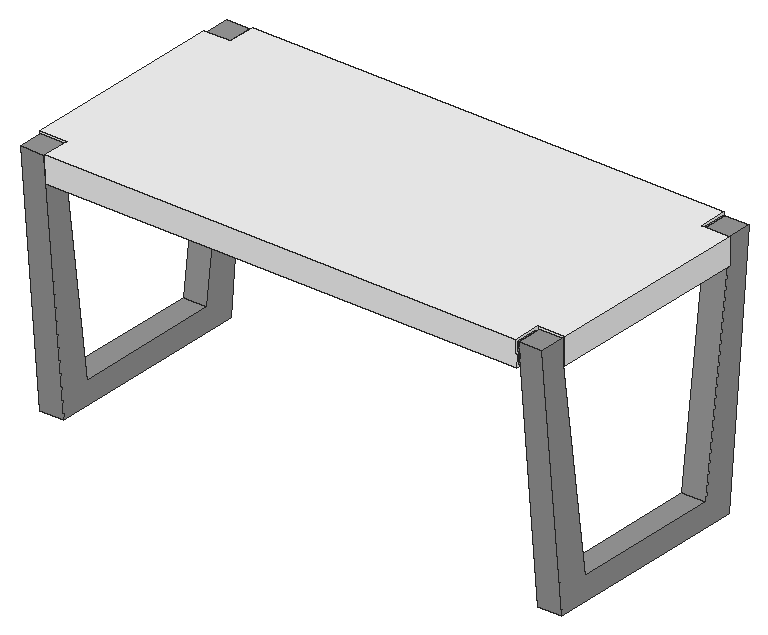
Revit family "Andreu World Serena Teak RS-1196", category Mobiliario, Revit 2014
Parameters (values of type "RS-1196")
  Width = 800 mm
  Upholstery = Indoor Sand Woven Band
  URL = "https://www.andreuworld.com/workspaces"
  Structure Finish = Andreu World Wood Finish
  Reference = "RS-1196"  # constant formula
  Modelo = "Serena Teak"  # constant formula
  Height = 380 mm
  Fabricante = "Andreu World"  # constant formula
  Descripción = "Ottoman with webbing seat and solid teak wood frame"  # constant formula
  Depth = 395 mm
Reference planes
  plane 1 "Centro (Frontal/Posterior)": y = 0
  plane 2: z = 0
  plane 3 "Centro (Izquierda/Derecha)": x = 0
  plane 4: y = 197.5
  plane 5: x = 400
  plane 6: y = -197.5
  plane 7: x = -400
  plane 8: z = 380
Forms (mm)
  Extrusion 1, solid, material "Andreu World Wood Finish" <- "Structure Finish", detail levels medium+fine
    sketch origin (0, 0, 0) x (0, 1, 0) y (0, 0, 1)
      loop
        line (-197.5, 380) -> (-159.996, 0) -> (160.004, 0) -> (197.5, 380) -> (-197.5, 380)
      loop
        line (-115.283, 35) -> (115.283, 35) -> (157.413, 345) -> (-157.413, 345) -> (-115.283, 35)
    from 363.688 to 400
  Extrusion 2, solid, material "Andreu World Wood Finish" <- "Structure Finish", detail levels medium+fine
    sketch origin (0, 0, 0) x (0, 1, 0) y (0, 0, -1)
      loop
        line (-197.5, -380) -> (197.5, -380) -> (160.004, 0) -> (-159.996, 0) -> (-197.5, -380)
      loop
        line (-115.283, -35) -> (-157.413, -345) -> (157.413, -345) -> (115.283, -35) -> (-115.283, -35)
    from 363.688 to 400
  Extrusion 3, solid, material "Andreu World Wood Finish" <- "Structure Finish", detail levels medium+fine
    sketch origin (0, 0, 0) x (0, 1, 0) y (0, 0, 1)
      loop
        line (157.413, 345) -> (193.949, 345) -> (197.5, 380) -> (162.54, 380) -> (157.413, 345)
      loop
        line (-157.413, 345) -> (-162.54, 380) -> (-197.5, 380) -> (-193.949, 345) -> (-157.413, 345)
    from -363.688 to 363.688
  Extrusion 4, solid, material "Indoor Sand Woven Band" <- "Upholstery", detail levels medium+fine
    sketch origin (0, 0, 0) x (0, 1, 0) y (0, 0, 1)
      loop
        line (-199.596, 382.446) -> (-197.5, 342.446) -> (197.5, 342.446) -> (199.596, 382.446) -> (-199.596, 382.446)
    from -402.093 to 403.334
  Extrusion 5, void
    sketch origin (0, 0, 0) x (1, 0, 0) y (0, 1, 0)
      loop
        line (-405, 199.596) -> (-405, 157.413) -> (-360.756, 157.413) -> (-360.756, 199.596) -> (-405, 199.596)
      loop
        line (-405.898, -199.596) -> (-360.756, -199.596) -> (-360.756, -157.413) -> (-405.898, -157.413) -> (-405.898, -199.596)
      loop
        line (406.155, 199.596) -> (360.756, 199.596) -> (360.756, 157.413) -> (406.155, 157.413) -> (406.155, 199.596)
      loop
        line (406.525, -199.596) -> (406.525, -157.413) -> (360.756, -157.413) -> (360.756, -199.596) -> (406.525, -199.596)
    from 323.414 to 397.463
Cuts and joins
  Extrusion 5 cuts Extrusion 4
Lines and regions (mm)
  model lines, detail levels coarse+medium
    curve 1: line (-400, 197.5, 0) -> (400, 197.5, 0)
    curve 2: line (-400, -197.5, 0) -> (-400, 197.5, 0)
    curve 3: line (400, -197.5, 0) -> (-400, -197.5, 0)
    curve 4: line (400, 197.5, 0) -> (400, -197.5, 0)
Dimensions and locks
  equal spacing: plane 7, plane 3 "Centro (Izquierda/Derecha)", plane 5
  equal spacing: plane 4, plane 1 "Centro (Frontal/Posterior)", plane 6
  "Width": plane 7 to plane 5
  "Depth": plane 4 to plane 6
  "Height": plane 8 to level
  aligned and locked: level to plane 2
Automatic sketch dimensions
  Extrusion 1 sketch curve to plane 6 = 0 mm
  Extrusion 1 sketch curve to level = 0 mm
  Extrusion 1 sketch curve to plane 4 = 0 mm
  Extrusion 1 sketch curve to plane 8 = 0 mm
  plane 6 to Extrusion 1 sketch curve = 37.504 mm
  plane 6 to Extrusion 1 sketch curve = 40.087 mm
  Extrusion 1 sketch curve to Extrusion 1 sketch curve = 44.713 mm
  level to Extrusion 1 sketch curve = 35 mm
  Extrusion 1 sketch curve to plane 4 = 82.217 mm
  Extrusion 1 sketch curve to plane 4 = 40.087 mm
  Extrusion 1 sketch curve to plane 4 = 37.496 mm
  Extrusion 1 sketch curve to plane 8 = 35 mm
  Extrusion 2 sketch curve to plane 6 = 0 mm
  Extrusion 2 sketch curve to level = 0 mm
  Extrusion 2 sketch curve to plane 4 = 0 mm
  Extrusion 2 sketch curve to plane 8 = 0 mm
  plane 6 to Extrusion 2 sketch curve = 37.504 mm
  plane 6 to Extrusion 2 sketch curve = 40.087 mm
  Extrusion 2 sketch curve to Extrusion 2 sketch curve = 44.713 mm
  level to Extrusion 2 sketch curve = 35 mm
  Extrusion 2 sketch curve to plane 4 = 82.217 mm
  Extrusion 2 sketch curve to plane 4 = 40.087 mm
  Extrusion 2 sketch curve to plane 4 = 37.496 mm
  Extrusion 2 sketch curve to plane 8 = 35 mm
  Extrusion 3 sketch curve to plane 6 = 0 mm
  Extrusion 3 sketch curve to plane 8 = 0 mm  (x2)
  Extrusion 3 sketch curve to plane 4 = 0 mm
  plane 6 to Extrusion 3 sketch curve = 3.551 mm
  Extrusion 3 sketch curve to Extrusion 3 sketch curve = 34.96 mm  (x2)
  Extrusion 3 sketch curve to Extrusion 3 sketch curve = 5.127 mm
  Extrusion 3 sketch curve to plane 4 = 40.087 mm
  Extrusion 3 sketch curve to plane 4 = 3.551 mm
  Extrusion 3 sketch curve to plane 8 = 35 mm  (x2)
  Extrusion 4 sketch curve to plane 6 = 0 mm
  Extrusion 4 sketch curve to plane 4 = 0 mm
  Extrusion 4 sketch curve to plane 6 = 2.096 mm
  plane 4 to Extrusion 4 sketch curve = 2.096 mm
  Extrusion 4 sketch curve to plane 8 = 37.554 mm
  plane 8 to Extrusion 4 sketch curve = 2.446 mm
  Extrusion 5 sketch curve to plane 7 = 5 mm
  Extrusion 5 sketch curve to plane 7 = 5.898 mm
  Extrusion 5 sketch curve to plane 6 = 2.096 mm  (x2)
  plane 7 to Extrusion 5 sketch curve = 39.244 mm  (x2)
  plane 4 to Extrusion 5 sketch curve = 2.096 mm  (x2)
  Extrusion 5 sketch curve to plane 5 = 39.244 mm  (x2)
  plane 5 to Extrusion 5 sketch curve = 6.155 mm
  plane 5 to Extrusion 5 sketch curve = 6.525 mm
  plane 6 to Extrusion 5 sketch curve = 40.087 mm  (x2)
  Extrusion 5 sketch curve to plane 4 = 40.087 mm  (x2)
  curve 3 to plane 6 = 0 mm
  curve 3 to plane 7 = 0 mm
  curve 3 to plane 5 = 0 mm
  curve 2 to plane 4 = 0 mm
